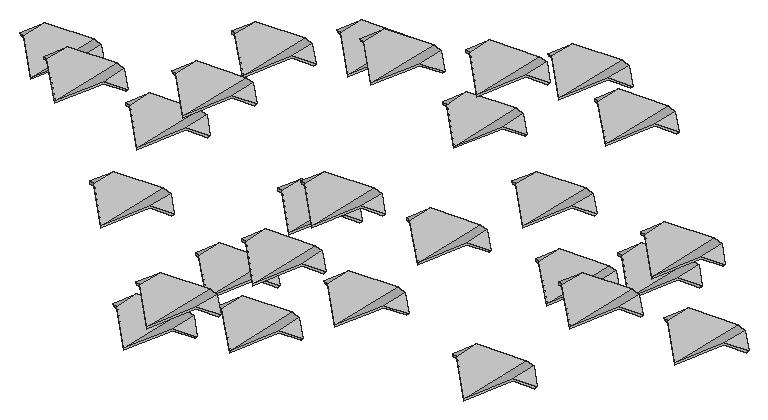
Revit family "CLD-FCT-002_RTV", category Modelos genéricos, Revit 2022
Family settings
  Puede alojar armadura = No
  Cota de conector redondo = Diámetro de uso
  Tipo de pieza = Normal
  Se basa en plano de trabajo = No
  Siempre vertical = Sí
  Corte con vacíos al cargar = No
  Mantener orientación de anotación = No
  Compartido = No
  Punto de cálculo de habitación = No
Parameters
  Elevación por defecto = 0.00"
Reference planes (in)
  plane 1 "Centro (Frontal/Posterior)": y = 0
  plane 2: z = 0
  plane 3 "Centro (Izquierda/Derecha)": x = 0
Dimensions and locks (in)
  aligned and locked: level to plane 2
Nested families (in)
  nested 1: "CLD-FCT-002_1_RTV" at (0, 0, 0), type "CLD-FCT-002_1_RTV"
  nested 2: "CLD-FCT-002_1_RTV" at (-25, 20, -25), type "CLD-FCT-002_1_RTV"
  nested 3: "CLD-FCT-002_1_RTV" at (25, 20, 15), type "CLD-FCT-002_1_RTV"
  nested 4: "CLD-FCT-002_1_RTV" at (0, 40, -25.75), type "CLD-FCT-002_1_RTV"
  nested 5: "CLD-FCT-002_1_RTV" at (-25, 60, -25), type "CLD-FCT-002_1_RTV"
  nested 6: "CLD-FCT-002_1_RTV" at (-50, 40, 0), type "CLD-FCT-002_1_RTV"
  nested 7: "CLD-FCT-002_1_RTV" at (-50, 80, 20.75), type "CLD-FCT-002_1_RTV"
  nested 8: "CLD-FCT-002_1_RTV" at (-25, 140, 14.5), type "CLD-FCT-002_1_RTV"
  nested 9: "CLD-FCT-002_1_RTV" at (-25, 100, -20), type "CLD-FCT-002_1_RTV"
  nested 10: "CLD-FCT-002_1_RTV" at (0, 80, 0), type "CLD-FCT-002_1_RTV"
  nested 11: "CLD-FCT-002_1_RTV" at (25, 60, -17), type "CLD-FCT-002_1_RTV"
  nested 12: "CLD-FCT-002_1_RTV" at (25, 100, -12.75), type "CLD-FCT-002_1_RTV"
  nested 13: "CLD-FCT-002_1_RTV" at (-100, 80, 8.25), type "CLD-FCT-002_1_RTV"
  nested 14: "CLD-FCT-002_1_RTV" at (-125, 100, -1), type "CLD-FCT-002_1_RTV"
  nested 15: "CLD-FCT-002_1_RTV" at (-100, 120, -25.5), type "CLD-FCT-002_1_RTV"
  nested 16: "CLD-FCT-002_1_RTV" at (-75, 140, -0.5), type "CLD-FCT-002_1_RTV"
  nested 17: "CLD-FCT-002_1_RTV" at (-50, 160, 0), type "CLD-FCT-002_1_RTV"
  nested 18: "CLD-FCT-002_1_RTV" at (-25, 180, -25), type "CLD-FCT-002_1_RTV"
  nested 19: "CLD-FCT-002_1_RTV" at (0, 160, 10.5), type "CLD-FCT-002_1_RTV"
  nested 20: "CLD-FCT-002_1_RTV" at (0, 200, -8.25), type "CLD-FCT-002_1_RTV"
  nested 21: "CLD-FCT-002_1_RTV" at (50, 120, 0), type "CLD-FCT-002_1_RTV"
  nested 22: "CLD-FCT-002_1_RTV" at (50, 160, 11), type "CLD-FCT-002_1_RTV"
  nested 23: "CLD-FCT-002_1_RTV" at (75, 140, -25), type "CLD-FCT-002_1_RTV"
  nested 24: "CLD-FCT-002_1_RTV" at (100, 120, 0), type "CLD-FCT-002_1_RTV"
  nested 25: "CLD-FCT-002_1_RTV" at (125, 100, -12.5), type "CLD-FCT-002_1_RTV"
  nested 26: "CLD-FCT-002_1_RTV" at (75, 100, -9.5), type "CLD-FCT-002_1_RTV"
  nested 27: "CLD-FCT-002_1_RTV" at (75, 60, -25), type "CLD-FCT-002_1_RTV"
  nested 28: "CLD-FCT-002_1_RTV" at (100, 80, 0), type "CLD-FCT-002_1_RTV"
Definition of nested family "CLD-FCT-002_1_RTV"
  Parameters
    Default Elevation = 0.00"
  Reference planes (in)
    plane 1 "Centro (Frontal/Posterior)": y = 0
    plane 2: z = 0
    plane 3 "Centro (Izquierda/Derecha)": x = 0
  Forms (in)
    Extrusion 1, solid
      sketch origin (0, 0, 0) x (1, 0, 0) y (0, 1, 0)
        loop
          line (16.33042, 0) -> (32.66083, 15.10045) -> (16.33042, 30.2009) -> (0, 15.10045) -> (16.33042, 0)
      from 0 to 7.7384
    Extrusion 2, void
      sketch origin (0, 0, 0) x (1, 0, 0) y (0, 0, 1)
        loop
          line (0, 3.86651) -> (-0.5, 3.86651) -> (-0.5, -0.88349) -> (33.25, -0.88349) -> (33.25, 3.86651) -> (32.66083, 3.86651) -> (32.22129, 3.43837) -> (27.25357, 6.30649) -> (16.33042, 0) -> (5.40726, 6.30649) -> (0.43955, 3.43837) -> (0, 3.86651)
      from -30.70232 to 0
    Extrusion 3, void
      sketch origin (0, 0, 0) x (1, 0, 0) y (0, 0, 1)
        loop
          line (0, 3.86651) -> (5.40726, 6.9884) -> (16.33042, 0.68191) -> (27.25357, 6.9884) -> (32.66083, 3.86651) -> (33.75, 3.86651) -> (33.75, 8.36651) -> (-1, 8.36651) -> (-1, 3.86651) -> (0, 3.86651)
      from -30.59553 to 0
    Extrusion 4, solid, not visible
      sketch origin (0, 0, 0) x (1, 0, 0) y (0, 1, 0)
        loop
          line (16.33042, 0) -> (32.66083, 15.10045) -> (16.33042, 30.2009) -> (0, 15.10045) -> (16.33042, 0)
      from 0 to 7.7384
    Extrusion 5, void, not visible
      sketch origin (0, 0, 0) x (1, 0, 0) y (0, 0, 1)
        loop
          line (0, 3.86651) -> (-0.5, 3.86651) -> (-0.5, -0.88349) -> (33.25, -0.88349) -> (33.25, 3.86651) -> (32.66083, 3.86651) -> (32.22129, 3.43837) -> (27.25357, 6.30649) -> (16.33042, 0) -> (5.40726, 6.30649) -> (0.43955, 3.43837) -> (0, 3.86651)
      from -30.70232 to 0
    Extrusion 6, void, not visible
      sketch origin (0, 0, 0) x (1, 0, 0) y (0, 0, 1)
        loop
          line (0, 3.86651) -> (5.40726, 6.9884) -> (16.33042, 0.68191) -> (27.25357, 6.9884) -> (32.66083, 3.86651) -> (33.75, 3.86651) -> (33.75, 8.36651) -> (-1, 8.36651) -> (-1, 3.86651) -> (0, 3.86651)
      from -30.59553 to 0
  Cuts and joins
    Extrusion 2, Extrusion 3 cuts Extrusion 1
  Dimensions and locks (in)
    aligned and locked: level to plane 2
